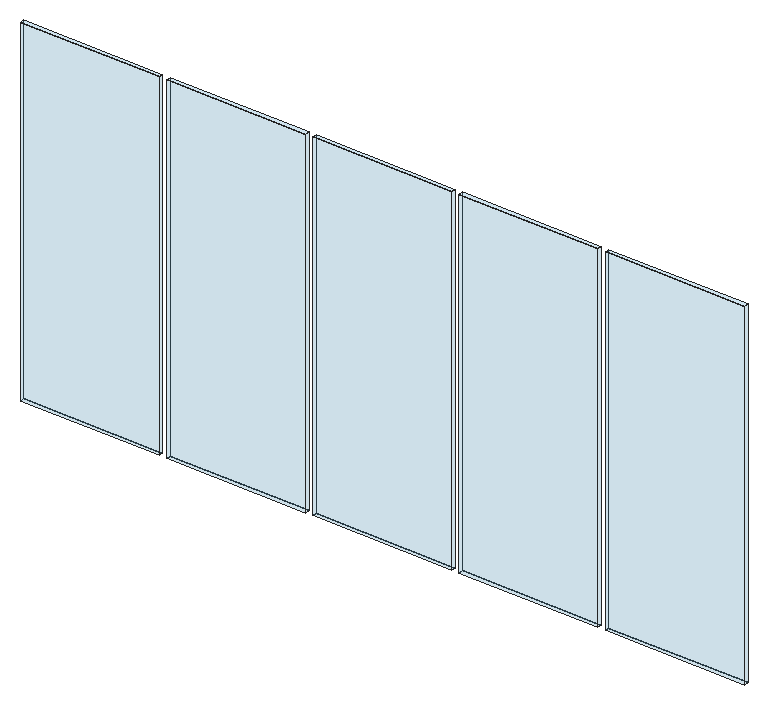
Revit family "Zero Zone - RVMC30", category Specialty Equipment, Revit 2011
Parameters (values of type "Zero Zone - 5RVMC30")
  Width = 39"  # constant formula
  Voltage = ""
  URL = "www.zero-zone.com"
  Right End Panel [instance] = no
  Plumbing = "1” PVC Drain"  # constant formula
  Phase = ""
  Model = "5RVMC30"
  Mechanical = ""
  Manufacturer = "Zero Zone"  # constant formula
  Low Voltage = ""
  Length = 153 3/8"
  Left End Panel [instance] = no
  Height with Elec Box = 83 5/8"  # constant formula
  Glass = if([2RVMC30], 2, if([3RVMC30], 3, if([4RVMC30], 4, if([5RVMC30], 5, 3))))  # 5
  Frequency = ""
  Electrical = ""
  Drain RH 3-4 [instance] = and(Drain RH, or(Glass = 3, Glass = 4))  # no
  Drain RH 2 & 5 [instance] = and(Drain RH, or(Glass = 2, Glass = 5))  # yes
  Drain RH [instance] = yes
  Drain LH 3-4 [instance] = and(Drain LH, or(Glass = 3, Glass = 4))  # no
  Drain LH 2 & 5 [instance] = and(Drain LH, or(Glass = 2, Glass = 5))  # no
  Drain LH [instance] = not(Drain RH)  # no
  Description Legend = "5 Door Crystal Cooler, Cantilever"
  Description = "Case, Cooler"  # constant formula
  Created By = "www.tmgec.com ak RAC2011"  # constant formula
  Cost = 0
  Comments = "See Zero Zone Sales Spec Sheet"  # constant formula
  Base Height = 3 1/2"  # constant formula
  Assembly Code = ""
  Amperage = ""
  5RVMC30 = yes
  2RVMC30 = no
  3RVMC30 = no
  4RVMC30 = no
Types (4): name | Model | Length | Glass | Drain RH 3-4 | Drain RH 2 & 5 | Description Legend | 5RVMC30 | 2RVMC30 | 3RVMC30 | 4RVMC30
  Zero Zone - 2RVMC30 | "2RVMC30" | 62 1/8" | 2 | no | yes | "2 Door Crystal Cooler, Cantilever" | no | yes | no | no
  Zero Zone - 3RVMC30 | "3RVMC30" | 92 1/2" | 3 | yes | no | "3 Door Crystal Cooler, Cantilever" | no | no | yes | no
  Zero Zone - 4RVMC30 | "4RVMC30" | 123" | 4 | yes | no | "4 Door Crystal Cooler, Cantilever" | no | no | no | yes
  Zero Zone - 5RVMC30 | "5RVMC30" | 153 3/8" | 5 | no | yes | "5 Door Crystal Cooler, Cantilever" | yes | no | no | no
Reference planes (in)
  plane 1 "Center (Front/Back)": y = 0
  plane 2: z = 0
  plane 3 "Center (Left/Right)": x = 26.6975
  plane 4 "Back": y = 19.5
  plane 5 "Front": y = -19.5
  plane 6 "Right": x = 103.385
  plane 7 "Left": x = -49.99
  plane 8: z = 83.625
  plane 9 "Left End Panel": x = -52.49
  plane 10 "Right End Panel": x = 105.885
  plane 11 "Elec Conn": x = 97.385
Forms (in)
  Extrusion 1, solid, material "Glass"
    sketch origin (-27.96476, 5.875, 1.85024) x (1, 0, 0) y (0, 0, 1)
      loop
        line (-20.70649, 7.30676) -> (8.22851, 7.30676) -> (8.22851, 77.95676) -> (-20.70649, 77.95676) -> (-20.70649, 7.30676)
    from 22.625 to 23.625
  Extrusion 2, solid, material "Glass"
    sketch origin (2.46274, 5.875, 1.85024) x (1, 0, 0) y (0, 0, 1)
      loop
        line (-20.70649, 7.30676) -> (8.22851, 7.30676) -> (8.22851, 77.95676) -> (-20.70649, 77.95676) -> (-20.70649, 7.30676)
    from 22.625 to 23.625
  Extrusion 3, solid, material "Glass"
    sketch origin (32.89024, 5.875, 1.85024) x (1, 0, 0) y (0, 0, 1)
      loop
        line (-20.70649, 7.30676) -> (8.22851, 7.30676) -> (8.22851, 77.95676) -> (-20.70649, 77.95676) -> (-20.70649, 7.30676)
    from 22.625 to 23.625
  Extrusion 4, solid, material "Glass"
    sketch origin (63.31774, 5.875, 1.85024) x (1, 0, 0) y (0, 0, 1)
      loop
        line (-20.70649, 7.30676) -> (8.22851, 7.30676) -> (8.22851, 77.95676) -> (-20.70649, 77.95676) -> (-20.70649, 7.30676)
    from 22.625 to 23.625
  Extrusion 5, solid, material "Glass"
    sketch origin (93.74524, 5.875, 1.85024) x (1, 0, 0) y (0, 0, 1)
      loop
        line (-20.70649, 7.30676) -> (8.22851, 7.30676) -> (8.22851, 77.95676) -> (-20.70649, 77.95676) -> (-20.70649, 7.30676)
    from 22.625 to 23.625
Lines and regions (in)
  symbolic lines, not visible
    curve 1: line (274.4007, -21.35045, 0) -> (274.4007, -23.35045, 0)
    curve 2: line (275.4007, -22.35045, 0) -> (273.4007, -22.35045, 0)
    curve 3: circle (274.4007, -22.35045, 0) r 0.75 normal (0, 0, 1)
    curve 4: circle (274.4007, -22.35045, 0) r 0.75 normal (0, 0, 1)
  symbolic lines
    curve 5: line (97.385, -13.281, 0) -> (97.385, -15.281, 0)
    curve 6: line (98.385, -14.281, 0) -> (96.385, -14.281, 0)
    curve 7: circle (97.385, -14.281, 0) r 0.75 normal (0, 0, 1)
    curve 8: circle (97.385, -14.281, 0) r 0.75 normal (0, 0, 1)
  symbolic lines, style "SpecialityEquipmentHiddenLines", visible <- "Drain RH"
    curve 9: circle (50.9475, -11.0425, 0) r 1 normal (0, 0, 1)
  symbolic lines, style "SpecialityEquipmentHiddenLines", visible <- "Drain LH"
    curve 10: circle (2.4475, -11.0425, 0) r 1 normal (0, 0, 1)
Dimensions and locks (in)
  equal spacing: plane 7 "Left", plane 3 "Center (Left/Right)", plane 6 "Right"
  equal spacing: plane 4 "Back", plane 1 "Center (Front/Back)", plane 5 "Front"
  "Width": plane 4 "Back" to plane 5 "Front"
  "Length": plane 7 "Left" to plane 6 "Right"
  "Height with Elec Box": plane 8 to level
  locked: plane 9 "Left End Panel" to plane 7 "Left" at 2.5
  locked: plane 6 "Right" to plane 10 "Right End Panel" at 2.5
  locked: plane 11 "Elec Conn" to plane 6 "Right" at 6
  equal spacing: group 3, group 4, group 5, group 6, group 7  (x3)
  "Base Height": import instance to level
  aligned and locked: level to plane 2
  aligned and locked: curve 5 to plane 11 "Elec Conn"
  aligned and locked: import instance to level  (x4)
  aligned and locked: import instance to plane 7 "Left"  (x4)
  aligned and locked: import instance to plane 4 "Back"  (x3)
  aligned and locked: plane 4 "Back" to import instance
  aligned and locked: plane 7 "Left" to import instance
  aligned: import instance to plane 6 "Right"
  aligned: plane 10 "Right End Panel" to import instance
  aligned and locked: plane 10 "Right End Panel" to import instance
  aligned and locked: plane 3 "Center (Left/Right)" to import instance
  aligned and locked: import instance to plane 3 "Center (Left/Right)"  (x3)
Automatic sketch dimensions
  Extrusion 1 sketch curve to Extrusion 1 sketch curve = 70.65"
  Extrusion 1 sketch curve to Extrusion 1 sketch curve = 28.935"
  curve 2 to curve 1 = 1"  (x2)
  curve 1 to curve 2 = 1"  (x2)
  curve 6 to curve 5 = 1"  (x2)
  curve 5 to curve 6 = 1"  (x2)
  plane 5 "Front" to curve 9 = 8.4575"
  plane 5 "Front" to curve 10 = 8.4575"
  Extrusion 2 sketch curve to Extrusion 2 sketch curve = 70.65"
  Extrusion 2 sketch curve to Extrusion 2 sketch curve = 28.935"
  curve 10 to plane 3 "Center (Left/Right)" = 24 1/4"
  plane 3 "Center (Left/Right)" to curve 9 = 24 1/4"
  Extrusion 3 sketch curve to Extrusion 3 sketch curve = 70.65"
  Extrusion 3 sketch curve to Extrusion 3 sketch curve = 28.935"
  Extrusion 4 sketch curve to Extrusion 4 sketch curve = 70.65"
  Extrusion 4 sketch curve to Extrusion 4 sketch curve = 28.935"
  Extrusion 5 sketch curve to Extrusion 5 sketch curve = 70.65"
  Extrusion 5 sketch curve to Extrusion 5 sketch curve = 28.935"
  radius of curve 4 = 3/4"
  radius of curve 8 = 3/4"
  radius of curve 9 = 1"
  radius of curve 10 = 1"
